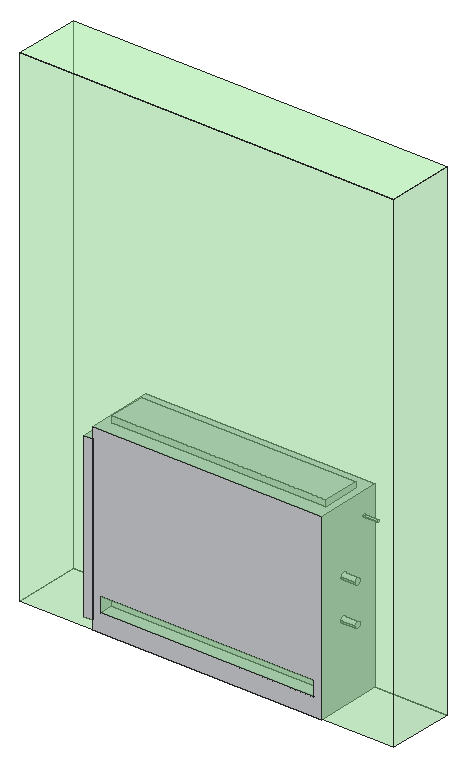
Revit family "RPFI_FSN2E_1.0_to_2.5_LOD_200", category Equipement de génie climatique, Revit 2016
Family settings
  Type d'élément = Normal
  Cote de connecteur circulaire = Utiliser le diamètre
  Numéro OmniClass = 23.75.00.00
  Titre OmniClass = Climate Control (HVAC)
  Basée sur le plan de construction = Non
  Toujours verticalement = Oui
  Couper avec des vides une fois chargée = Non
  Partagée = Non
  Point de calcul de pièce = Non
Parameters (values of type "RPFI FSN2E 1.0")
  Usage Current = 5 A
  Sound power max (dB(A)) = 39
  Sound power level dB(A) = "60.000000000000"
  Sound power at minimal load (dB(A)) = 32
  Sound power at medium load (dB(A)) = "36"
  Refrigerant = "R410A (factory-charged corrosion-proof nitrogen)"
  Overall Width = 754 mm
  Overall Height = 600 mm
  Overall Depth = 220 mm
  Output Width = 122 mm
  Output Height = 704 mm
  Operation and service space [instance] = yes
  Number of Poles = "1"
  Nominal Voltage = 230 V
  Minimum Air Flow = 11000.0 L/min
  Minimum AC Voltage = 207 V
  Maximum Air Flow = 16000.0 L/min
  Maximum AC Voltage = 253 V
  Mass = 27.00 kg
  Input Height = 50 mm
  Heating Capacity = 5.6 kW
  Frequency = 50 Hz
  Diamètre Gaz Entrée = 18 mm
  Diamètre Eau Sortie = 18.5 mm
  Diamètre Eau Entrée = 6 mm
  Fan motor type (output) = 45 W
  Fabricant = "HITACHI"
  Electrical box (high) distance = 30 mm
  Electrical box (low) distance = 30 mm
  Cooling Capacity = 5 kW
  Commentaires du type = "RPFI FSN2E"
  Color = "Spring white (4.1Y8.5/0.7)"
  BC_OBJECT_ID = "6677"  # constant formula
  Air outlet = 20 mm
  Air inlet = Output Height  # 704 mm
  Air flow Speed (high/medium/low) m3/min = "16/14/11"
Types (4, lengths in mm): name | Sound power max (dB(A)) | Sound power at minimal load (dB(A)) | Sound power at medium load (dB(A)) | Overall Width | Output Height | Minimum Air Flow | Maximum Air Flow | Mass | Heating Capacity | Diamètre Gaz Entrée | Diamètre Eau Entrée | Fan motor type (output) | Cooling Capacity | Air inlet | Air flow Speed (high/medium/low) m3/min
  RPFI FSN2E 1.0 | 39 | 32 | "36" | 754 | 704 | 11000.0 L/min | 16000.0 L/min | 27.00 kg | 5.6 kW | 18 | 6 | 45 W | 5 kW | 704 | "16/14/11"
  RPFI FSN2E 1.5 | 38 | 31 | "35" | 879 | 829 | 9000.0 L/min | 12000.0 L/min | 23.00 kg | 4 kW | 15 | 6 | 28 W | 3.6 kW | 829 | "12/10/9"
  RPFI FSN2E 2.5 | 42 | 34 | "38" | 1129 | 1079 | 11000.0 L/min | 16000.0 L/min | 28.00 kg | 6.3 kW | 18 | 10 | 45 W | 5.6 kW | 1079 | "16/14/11"
  RPFI FSN2E 2.0 | 39 | 32 | "36" | 1129 | 1079 | 11000.0 L/min | 16000.0 L/min | 27.00 kg | 5.6 kW | 18 | 6 | 45 W | 5 kW | 1079 | "16/14/11"
Reference planes
  plane 1 "Centre (avant/arrière)": y = 0
  plane 2: z = 0
  plane 3 "Centre (gauche/droite)": x = 0
  plane 4 "ARRIERE": y = 110
  plane 5 "AVANT": y = -110
  plane 6 "GAUCHE": x = -377
  plane 7 "DROITE": x = 377
  plane 8 "Hauteur": z = 600
  plane 9: z = 620
  plane 10: z = 30
  plane 11: z = 570
  plane 12: x = -352
  plane 13: x = 352
  plane 14: y = 61
  plane 15: y = -61
  plane 16: z = 109.847
  plane 17: x = -352
  plane 18: x = 352
  plane 19: z = 59.847
  plane 20 "A": x = -617
  plane 21 "B": x = 617
  plane 22: z = 1620
Forms (mm)
  Extrusion 1, solid
    sketch origin (0, 0, 0) x (1, 0, 0) y (0, 1, 0)
      loop
        line (-377, 110) -> (-377, -110) -> (377, -110) -> (377, 110) -> (-377, 110)
    from 0 to 600
  Extrusion 2, solid
    sketch origin (-377, 0, 0) x (0, -1, 0) y (0, 0, 1)
      loop
        line (-110, 564.459) -> (-110, 30) -> (110, 30) -> (110, 564.459) -> (-110, 564.459)
    from 0 to 30
  Extrusion 3, void
    sketch origin (0, -110, 0) x (1, 0, 0) y (0, 0, 1)
      loop
        line (-352, 109.847) -> (-352, 59.847) -> (352, 59.847) -> (352, 109.847) -> (-352, 109.847)
    from 0 to -45
  Extrusion 4, solid
    sketch origin (377, 0, 0) x (0, 1, 0) y (0, 0, 1)
      loop
        circle (61, 529) r 3
    from 0 to 50
  Extrusion 5, solid
    sketch origin (0, 0, 600) x (-1, 0, 0) y (0, -1, 0)
      loop
        line (352, -61) -> (352, 61) -> (-352, 61) -> (-352, -61) -> (352, -61)
    from 0 to 20
  Extrusion 6, solid
    sketch origin (377, 0, 0) x (0, 1, 0) y (0, 0, 1)
      loop
        circle (-23, 388) r 9
    from 0 to 50
  Extrusion 7, solid
    sketch origin (377, 0, 0) x (0, 1, 0) y (0, 0, 1)
      loop
        circle (-24, 260) r 9.25
    from 0 to 50
  Extrusion 8, solid, material "Operation and service space", visible <- "Operation and service space"
    sketch origin (0, 0, 0) x (1, 0, 0) y (0, 1, 0)
      loop
        line (-617, 110) -> (-617, -110) -> (617, -110) -> (617, 110) -> (-617, 110)
    from 0 to 1620
Cuts and joins
  Extrusion 3 cuts Extrusion 1
Lines and regions (mm)
  model lines, visible <- "Operation and service space"
    curve 1: line (-617, -110, 1620) -> (617, -110, 1620)
    curve 2: line (-617, -110, 0) -> (-617, -110, 1620)
    curve 3: line (617, -110, 0) -> (-617, -110, 0)
    curve 4: line (617, -110, 1620) -> (617, -110, 0)
    curve 5: line (-617, 110, 1620) -> (617, 110, 1620)
    curve 6: line (-617, 110, 0) -> (-617, 110, 1620)
    curve 7: line (617, 110, 0) -> (-617, 110, 0)
    curve 8: line (617, 110, 1620) -> (617, 110, 0)
    curve 9: line (-617, -110, 0) -> (-617, 110, 0)
    curve 10: line (-617, -110, 1620) -> (-617, 110, 1620)
    curve 11: line (617, -110, 1620) -> (617, 110, 1620)
    curve 12: line (617, -110, 0) -> (617, 110, 0)
Dimensions and locks
  "Overall Width": plane 6 "GAUCHE" to plane 7 "DROITE"
  equal spacing: plane 6 "GAUCHE", plane 3 "Centre (gauche/droite)", plane 7 "DROITE"
  equal spacing: plane 4 "ARRIERE", plane 1 "Centre (avant/arrière)", plane 5 "AVANT"
  "Overall Depth": plane 4 "ARRIERE" to plane 5 "AVANT"
  "Overall Height": plane 8 "Hauteur" to plane 2
  "Air outlet": plane 9 to plane 8 "Hauteur"
  "Electrical box (high) distance": plane 8 "Hauteur" to plane 11
  "Electrical box (low) distance": plane 10 to plane 2
  "Input Height": plane 16 to plane 19
  "Air inlet": plane 18 to plane 17
  equal spacing: plane 18, plane 3 "Centre (gauche/droite)", plane 17
  "Output Height": plane 12 to plane 13
  "Output Width": plane 14 to plane 15
  equal spacing: plane 14, plane 1 "Centre (avant/arrière)", plane 15
  Extrusion 4 sketch curve to plane 2 = 529 mm
  Extrusion 6 sketch curve to plane 4 "ARRIERE" = 133 mm
  Extrusion 6 sketch curve to plane 2 = 388 mm
  Extrusion 7 sketch curve to plane 4 "ARRIERE" = 134 mm
  Extrusion 7 sketch curve to plane 2 = 260 mm
  equal spacing: plane 12, plane 3 "Centre (gauche/droite)", plane 13
  locked: plane 21 "B" to plane 7 "DROITE" at 240
  equal spacing: plane 20 "A", plane 3 "Centre (gauche/droite)", plane 21 "B"
  locked: plane 22 to plane 9 at 1000
  "Diamètre Eau Entrée": diameter of Extrusion 4 sketch curve
  "Diamètre Gaz Entrée": diameter of Extrusion 6 sketch curve
  "Diamètre Eau Sortie": diameter of Extrusion 7 sketch curve
  aligned and locked: level to plane 2
  aligned and locked: Extrusion 1 sketch curve to plane 4 "ARRIERE"
  aligned and locked: Extrusion 1 sketch curve to plane 6 "GAUCHE"
  aligned and locked: Extrusion 1 sketch curve to plane 5 "AVANT"
  aligned and locked: Extrusion 1 sketch curve to plane 7 "DROITE"
  aligned and locked: plane 8 "Hauteur" to Extrusion 1
  aligned and locked: plane 4 "ARRIERE" to Extrusion 2
  aligned and locked: plane 5 "AVANT" to Extrusion 2
  aligned and locked: Extrusion 2 to plane 10
  aligned and locked: Extrusion 3 sketch curve to plane 16
  aligned and locked: plane 17 to Extrusion 3 sketch curve
  aligned and locked: plane 19 to Extrusion 3 sketch curve
  aligned and locked: Extrusion 3 sketch curve to plane 18
  aligned and locked: Extrusion 5 sketch curve to plane 14
  aligned and locked: plane 12 to Extrusion 5 sketch curve
  aligned and locked: plane 15 to Extrusion 5 sketch curve
  aligned and locked: Extrusion 5 sketch curve to plane 13
  aligned and locked: curve 1 to plane 22
  aligned and locked: curve 2 to plane 20 "A"
  aligned and locked: plane 2 to curve 3
  aligned and locked: plane 21 "B" to curve 4
  aligned and locked: Extrusion 8 sketch curve to curve 7
  aligned and locked: Extrusion 8 sketch curve to curve 9
  aligned and locked: Extrusion 8 sketch curve to curve 3
  aligned and locked: Extrusion 8 sketch curve to curve 12
  aligned and locked: plane 22 to Extrusion 8
Automatic sketch dimensions
  Extrusion 2 sketch curve to plane 4 "ARRIERE" = 0 mm
  Extrusion 2 sketch curve to plane 5 "AVANT" = 0 mm
  level to Extrusion 2 sketch curve = 30 mm
  Extrusion 2 sketch curve to plane 8 "Hauteur" = 35.541 mm
  plane 21 "B" to curve 8 = 0 mm
  plane 20 "A" to curve 5 = 0 mm
  curve 6 to level = 0 mm
  curve 6 to plane 22 = 0 mm
  curve 10 to plane 5 "AVANT" = 0 mm
  curve 10 to plane 22 = 0 mm
  curve 9 to level = 0 mm
  curve 9 to plane 4 "ARRIERE" = 0 mm
  curve 10 to plane 4 "ARRIERE" = 0 mm
  curve 9 to plane 5 "AVANT" = 0 mm
  curve 11 to plane 4 "ARRIERE" = 0 mm
  curve 11 to plane 22 = 0 mm
  curve 12 to level = 0 mm
  curve 12 to plane 4 "ARRIERE" = 0 mm
  curve 12 to plane 5 "AVANT" = 0 mm
  curve 11 to plane 5 "AVANT" = 0 mm
  Extrusion 4 sketch curve to plane 14 = 0 mm
Connectors
  electrical at (-407, 0, 297.23), driven by "Nominal Voltage"
    settings: on Extrusion 2, index 1, voltage 230 V, apparent load 0 VA, apparent load phase1 0 VA, apparent load phase2 0 VA, apparent load phase3 0 VA, power factor 1, load classification "Autre", number of poles 1, system type 31, power factor state 1, is connector primary yes, connector utility no, sub classification motor no, connector description ""
  piping at (427, -24, 260), diameter 18.5, driven by "Diamètre Eau Sortie"
    settings: on Extrusion 7, index 2, connector inside diameter 609.6 mm, connector length 0 mm, flow factor 0, pipe flow 0.0 L/s, pressure drop 0.0 Pa, fitting loss kfactor 0, connector angle 0.00°, fixture units 0, engagement length 0 mm, angle of deflection 0.00°, flow configuration 0, flow direction 2, fitting loss method 0, system type 16, joint type 0, gender type 0, connector reference index -1, connector utility 0, adjustable connector no, is connector primary yes, connector description ""
  piping at (427, -23, 388), diameter 18, driven by "Diamètre Gaz Entrée"
    settings: on Extrusion 6, index 3, connector inside diameter 609.6 mm, connector length 0 mm, flow factor 0, pipe flow 0.0 L/s, pressure drop 0.0 Pa, fitting loss kfactor 0, connector angle 0.00°, fixture units 0, engagement length 0 mm, angle of deflection 0.00°, flow configuration 0, flow direction 0, fitting loss method 0, system type 29, joint type 0, gender type 0, connector reference index -1, connector utility 0, adjustable connector no, is connector primary no, connector description ""
  piping at (427, 61, 529), diameter 6, driven by "Diamètre Eau Entrée"
    settings: on Extrusion 4, index 4, connector inside diameter 609.6 mm, connector length 0 mm, flow factor 0, pipe flow 0.0 L/s, pressure drop 0.0 Pa, fitting loss kfactor 0, connector angle 0.00°, fixture units 0, engagement length 0 mm, angle of deflection 0.00°, flow configuration 0, flow direction 0, fitting loss method 0, system type 29, joint type 0, gender type 0, connector reference index -1, connector utility 0, adjustable connector no, is connector primary no, connector description ""
  hvac at (0, -110, 84.847), driven by "Input Height", driven by "Air inlet"
    settings: on cut or joined group of Extrusion 1, Extrusion 3, index 5, duct flow 0.0 L/min, flow factor 0, pres drop 0.0 Pa, loss coef 0, conn angle 0.00°, conn width 704 mm, conn height 50 mm, conn diameter 609.6 mm, duct sys type 29, conn prof type 1, flow config 0, flow direction 0, loss method 0, conn ref index -1, conn util no, is conn primary yes, conn desc ""
